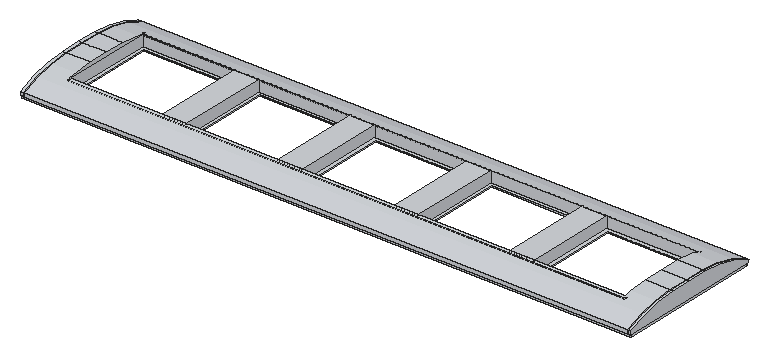
Revit family "Gira_021536", category Electrical Fixtures, host Face, Revit 2017
Family settings
  Host = Face
  Maintain Annotation Orientation = No
  Round Connector Dimension = Use Diameter
  Part Type = Normal
  Cut with Voids When Loaded = No
  Shared = No
  Room Calculation Point = No
Parameters (values of type "Cov.fr. 5-g interm.fr. CAl Gira Event c.alum.")
  With mounting grid = "No"
  With hinged lid = "No"
  URL = "http://katalog.gira.de/en/datenblatt.html?artikelnr=021536"
  Type of fastening = "Clamp mounting"
  Transparent = "No"
  Surface protection = "Other"
  Suitable for wall duct = "No"
  Suitable for flush-mounted installation = "Yes"
  Suitable for floor box = "No"
  Suitable for built-in installation = "No"
  Number of units vertical = "5"
  Number of units horizontal = "5"
  Number of units = "5"
  Name = "Cov.fr. 5-g interm.fr. CAl Gira Event c.alum."
  Mounting direction = "Horizontal and vertical"
  Material quality = "Thermoplastic"
  Material = "Plastic"
  Manufacturer URL = "https://www.gira.de/"
  Manufacturer = "Gira"
  Label space/information surface = "No"
  Keynote = ""
  HeinzeBIM = "https://bimportal.heinze.de/bim/cov-fr-5-g-interm-fr-cal-gira-event-c-alum-/32ceb437bf78b999fdac2b5d43f27862d43426eb"
  Halogen free = "Yes"
  HAN = "021536"
  GTIN = "4010337215363"
  Description = "Cov.fr.5g i.fr.CAl Event CAl,Gira Event frames,colour aluminium with colour aluminium intermediate frame,5-gang,Features:,- Shatter-proof."
  Degree of protection (IP) = "IP20"
  Default Elevation = 1219.2 mm
  Data sheet (1) = "https://katalog.gira.de/en/download.html?artikelnr=021536"
  Colour = "Aluminium"
  Category = "Cover frame for domestic switching devices"
  BIM (1) = "https://media.stage.bim.site/public/gira/36a6b08/Event_Rahmen_5fach.rfa"
  Available = "No"
Reference planes
  plane 1 "Center (Front/Back)": y = 0
  plane 2: z = 0
  plane 3 "Center (Left/Right)": x = 0
Forms (mm)
  Extrusion 1, solid, detail levels fine
    sketch origin (0, 0, 0.05) x (0, 1, 0) y (0, 0, 1)
      loop
        arc (12.445, 9.683) -> (6.223, 9.833) -> (0, 9.85) r 291.636
        arc (0, 9.85) -> (-6.223, 9.833) -> (-12.445, 9.683) r 291.636
        arc (-12.445, 9.683) -> (-29.14, 7.482) -> (-45, 1.823) r 79.728
        line (-45, 1.823) -> (-45, -0.05) -> (-42.086, -0.05)
        arc (-42.086, -0.05) -> (-21.385, 5.559) -> (0, 7.206) r 114.424
        arc (0, 7.206) -> (21.385, 5.559) -> (42.086, -0.05) r 114.424
        line (42.086, -0.05) -> (45, -0.05) -> (45, 1.823)
        arc (45, 1.823) -> (29.14, 7.482) -> (12.445, 9.683) r 79.728
    from -185.578 to 185.593
  Extrusion 2, void, detail levels fine
    sketch origin (0, 0, 0) x (1, 0, 0) y (0, 1, 0)
      loop
        line (170.607, 28) -> (-170.593, 28) -> (-170.593, -28) -> (170.607, -28) -> (170.607, 28)
    from 0.724 to 11
  Extrusion 3, solid, detail levels coarse
    sketch origin (0, 0, 0) x (1, 0, 0) y (0, 1, 0)
      loop
        line (-187.578, 45) -> (-187.578, -45) -> (187.593, -45) -> (187.593, 45) -> (-187.578, 45)
    from -1.5 to 9.9
  Extrusion 4, solid, detail levels medium
    sketch origin (0, 0, 0.05) x (0, 1, 0) y (0, 0, 1)
      loop
        arc (12.445, 9.683) -> (6.223, 9.833) -> (0, 9.85) r 291.636
        arc (0, 9.85) -> (-6.223, 9.833) -> (-12.445, 9.683) r 291.636
        arc (-12.445, 9.683) -> (-29.14, 7.482) -> (-45, 1.823) r 79.728
        line (-45, 1.823) -> (-45, -0.05) -> (45, -0.05) -> (45, 1.823)
        arc (45, 1.823) -> (29.14, 7.482) -> (12.445, 9.683) r 79.728
    from -187.578 to 187.593
  Extrusion 5, solid, detail levels fine
    sketch origin (-142.578, 0, -1.5) x (0, 1, 0) y (0, 0, -1)
      loop
        line (45, -3.373) -> (45, -1.5) -> (-45, -1.5) -> (-45, -3.373)
        arc (-45, -3.373) -> (-29.14, -9.032) -> (-12.445, -11.233) r 79.728
        arc (-12.445, -11.233) -> (-6.223, -11.383) -> (0, -11.4) r 291.636
        arc (0, -11.4) -> (6.223, -11.383) -> (12.445, -11.233) r 291.636
        arc (12.445, -11.233) -> (29.14, -9.032) -> (45, -3.373) r 79.728
    from 43 to 45
  Extrusion 6, solid, detail levels fine
    sketch origin (0, 0, 0) x (1, 0, 0) y (0, 1, 0)
      loop
        line (-168.493, 25.7) -> (-168.493, -25.7) -> (-116.693, -25.7) -> (-116.693, 25.7) -> (-168.493, 25.7)
      loop
        line (-45.398, -25.7) -> (-45.398, 25.7) -> (-97.198, 25.7) -> (-97.198, -25.7) -> (-45.398, -25.7)
      loop
        line (-171.487, 28.49) -> (-171.487, -28.495)
        spline (-171.487, -28.495) -> (-171.479, -28.625) -> (-171.453, -28.754) -> (-171.411, -28.878) -> (-171.353, -28.995) -> (-171.281, -29.104) -> (-171.194, -29.202) -> (-171.096, -29.288) -> (-170.987, -29.361) -> (-170.87, -29.419) -> (-170.746, -29.461) -> (-170.618, -29.486) -> (-170.487, -29.495)
        line (-170.487, -29.495) -> (170.502, -29.495)
        spline (170.502, -29.495) -> (170.633, -29.486) -> (170.761, -29.461) -> (170.885, -29.419) -> (171.002, -29.361) -> (171.111, -29.288) -> (171.209, -29.202) -> (171.296, -29.104) -> (171.368, -28.995) -> (171.426, -28.878) -> (171.468, -28.754) -> (171.494, -28.625) -> (171.502, -28.495)
        line (171.502, -28.495) -> (171.502, 28.49)
        spline (171.502, 28.49) -> (171.494, 28.62) -> (171.468, 28.748) -> (171.426, 28.872) -> (171.368, 28.99) -> (171.296, 29.098) -> (171.209, 29.197) -> (171.111, 29.283) -> (171.002, 29.356) -> (170.885, 29.413) -> (170.761, 29.456) -> (170.633, 29.481) -> (170.502, 29.49)
        line (170.502, 29.49) -> (-170.487, 29.49)
        spline (-170.487, 29.49) -> (-170.618, 29.481) -> (-170.746, 29.456) -> (-170.87, 29.413) -> (-170.987, 29.356) -> (-171.096, 29.283) -> (-171.194, 29.197) -> (-171.281, 29.098) -> (-171.353, 28.99) -> (-171.411, 28.872) -> (-171.453, 28.748) -> (-171.479, 28.62) -> (-171.487, 28.49)
      loop
        line (25.902, -25.7) -> (25.902, 25.7) -> (-25.898, 25.7) -> (-25.898, -25.7) -> (25.902, -25.7)
      loop
        line (97.207, -25.7) -> (97.207, 25.7) -> (45.407, 25.7) -> (45.407, -25.7) -> (97.207, -25.7)
      loop
        line (168.507, -25.7) -> (168.507, 25.7) -> (116.707, 25.7) -> (116.707, -25.7) -> (168.507, -25.7)
    from 0.1 to 7.3
  Extrusion 7, solid
    sketch origin (0, 0, 0) x (1, 0, 0) y (0, 1, 0)
      loop
        arc (-187.293, -44.218) -> (-187.146, -44.572) -> (-186.793, -44.718) r 0.5
        line (-186.793, -44.718) -> (186.807, -44.718)
        arc (186.807, -44.718) -> (187.161, -44.572) -> (187.307, -44.218) r 0.5
        line (187.307, -44.218) -> (187.307, 44.182)
        arc (187.307, 44.182) -> (187.161, 44.535) -> (186.807, 44.682) r 0.5
        line (186.807, 44.682) -> (-186.793, 44.682)
        arc (-186.793, 44.682) -> (-187.146, 44.535) -> (-187.293, 44.182) r 0.5
        line (-187.293, 44.182) -> (-187.293, -44.218)
      loop
        line (-185.593, 42.982) -> (-185.593, -43.018) -> (185.607, -43.018) -> (185.607, 42.982) -> (-185.593, 42.982)
    from -1.5 to 0.5
  Extrusion 8, solid, detail levels fine
    sketch origin (142.593, 0, -1.5) x (0, 1, 0) y (0, 0, 1)
      loop
        arc (45, 3.373) -> (29.14, 9.032) -> (12.445, 11.233) r 79.728
        arc (12.445, 11.233) -> (6.223, 11.383) -> (0, 11.4) r 291.636
        arc (0, 11.4) -> (-6.223, 11.383) -> (-12.445, 11.233) r 291.636
        arc (-12.445, 11.233) -> (-29.14, 9.032) -> (-45, 3.373) r 79.728
        line (-45, 3.373) -> (-45, 1.5) -> (45, 1.5) -> (45, 3.373)
    from 43 to 45
  Extrusion 9, solid, detail levels medium
    sketch origin (0, 0, 0) x (1, 0, 0) y (0, 1, 0)
      loop
        line (-187.293, -44.718) -> (187.307, -44.718) -> (187.307, 44.682) -> (-187.293, 44.682) -> (-187.293, -44.718)
    from -1.5 to 0.5
  Extrusion 10, solid, detail levels fine
    sketch origin (-105.5, 0, 0) x (1, 0, 0) y (0, 1, 0)
      loop
        line (-8.943, 28.063) -> (-8.943, -27.937) -> (6.057, -27.937) -> (6.057, 28.063) -> (-8.943, 28.063)
    from 0.724 to 7.566
  Extrusion 11, solid, detail levels fine
    sketch origin (-37.085, 0, 0) x (-1, 0, 0) y (0, -1, 0)
      loop
        line (-8.943, -28.063) -> (6.057, -28.063) -> (6.057, 27.937) -> (-8.943, 27.937) -> (-8.943, -28.063)
    from 0.724 to 7.566
  Extrusion 12, solid, detail levels fine
    sketch origin (105.5, 0, 0) x (-1, 0, 0) y (0, -1, 0)
      loop
        line (-8.943, -28.063) -> (6.057, -28.063) -> (6.057, 27.937) -> (-8.943, 27.937) -> (-8.943, -28.063)
    from 0.724 to 7.566
  Extrusion 13, solid, detail levels fine
    sketch origin (37.085, 0, 0) x (1, 0, 0) y (0, 1, 0)
      loop
        line (-8.943, 28.063) -> (-8.943, -27.937) -> (6.057, -27.937) -> (6.057, 28.063) -> (-8.943, 28.063)
    from 0.724 to 7.566
Cuts and joins
  Extrusion 2 cuts Extrusion 1
  Extrusion 2 cuts Extrusion 6
Dimensions and locks
  aligned and locked: plane 2 to host face
  aligned and locked: level to host face
